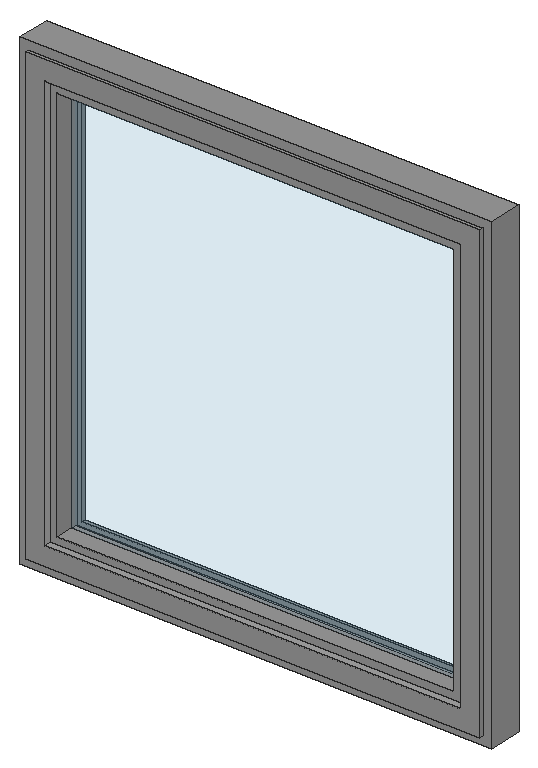
Revit family "Kawneer_Window_GT70s_Pos0011", category Windows, host Wall, Revit 2020 (continued)
Definition of nested family "Kawneer_GT70s_Pos001"
  Definition of nested family "Kawneer_GT70s_Jamb"
    Lines and regions (mm)
      model lines, in view "Ref. Level", visible <- "Open", detail levels fine
        curve 1073: line (-71.538, -65, 0) -> (-70.896, -65.642, 0)
        curve 1074: line (-69.902, -35.614, 0) -> (-71.105, -36.903, 0)
        curve 1075: line (-71.202, -34.735, 0) -> (-72.754, -36.398, 0)
        curve 1076: line (-72.175, -33.504, 0) -> (-74.144, -35.614, 0)
        curve 1077: line (-72.874, -31.98, 0) -> (-75.5, -34.793, 0)
        curve 1078: line (-72.789, -32.183, 0) -> (-74.052, -30.97, 0)
        curve 1079: line (-74.052, -30.97, 0) -> (-79.68, -37, 0)
        curve 1080: line (-80.175, -35.257, 0) -> (-81.828, -37.028, 0)
        curve 1081: line (-82.851, -35.851, 0) -> (-83.015, -36.027, 0)
        curve 1082: line (-79.102, -29.562, 0) -> (-81.061, -31.661, 0)
        curve 1083: line (-82.222, -35.714, 0) -> (-80.995, -37.028, 0)
        curve 1084: line (-81.556, -34.155, 0) -> (-80.571, -35.209, 0)
        curve 1085: line (-80.571, -35.209, 0) -> (-79.014, -36.878, 0)
        curve 1086: line (-81.148, -32.319, 0) -> (-79.527, -34.055, 0)
        curve 1087: line (-78.925, -34.701, 0) -> (-77.601, -36.119, 0)
        curve 1088: line (-80.798, -30.421, 0) -> (-76.513, -35.012, 0)
        curve 1089: line (-80.172, -28.819, 0) -> (-79.132, -29.933, 0)
        curve 1090: line (-78.11, -31.028, 0) -> (-73.39, -36.085, 0)
        curve 1091: line (-69.366, -35.851, 0) -> (-69.202, -36.027, 0)
      detail lines, in view "Ref. Level", detail levels coarse+medium
        curve 1092: line (0, -72, 0) -> (0, 0, 0)
        curve 1093: line (0, 0, 0) -> (-18, 0, 0)
        curve 1094: line (-18, 0, 0) -> (-18, 8, 0)
        curve 1095: line (-18, 8, 0) -> (-58.398, 8, 0)
        curve 1096: line (-58.398, 8, 0) -> (-64, 0, 0)
        curve 1097: line (-64, 0, 0) -> (-79, 0, 0)
        curve 1098: line (-79, 0, 0) -> (-79, -37, 0)
        curve 1099: line (-79, -37, 0) -> (-69, -37, 0)
        curve 1100: line (-69, -37, 0) -> (-69, -65, 0)
        curve 1101: line (-69, -65, 0) -> (-79, -65, 0)
        curve 1102: line (-79, -65, 0) -> (-79, -72, 0)
        curve 1103: line (-79, -72, 0) -> (0, -72, 0)
